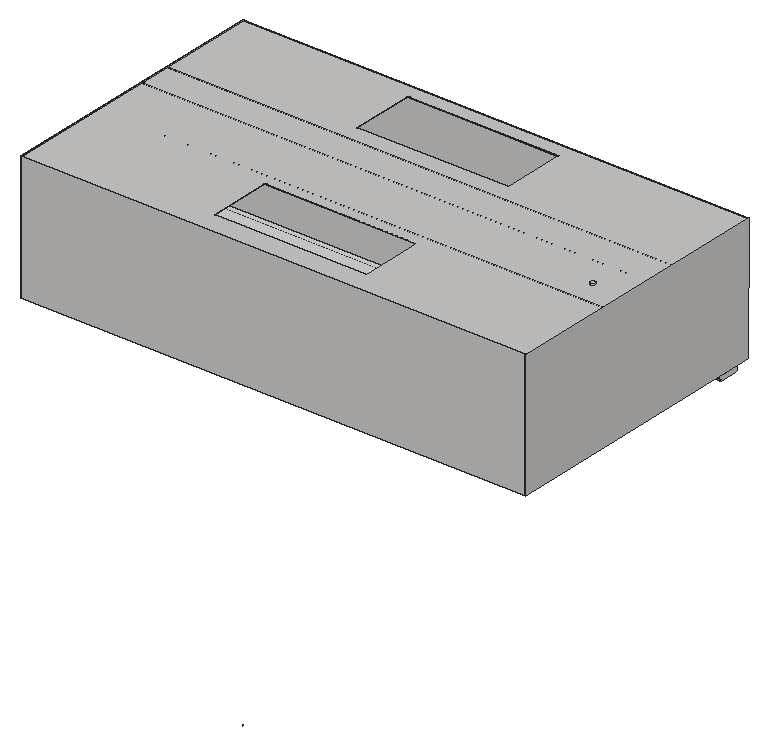
Revit family "QF_ELECTROLUXPROFESSIONAL_641251_STPF1120", category Attrezzature speciali, Revit 2021
Family settings
  Quota connettore circolare = Usa diametro
  Tipo di parte = Normale
  Basato su piano di lavoro = No
  Sempre verticale = Sì
  Taglio con vuoti quando caricato = No
  Condiviso = No
  Punto di calcolo locali = No
Parameters (values of type "Standard")
  Weight = 130.00 kg
  Watts = 160 W
  Volts = 220 V
  URL Manufacturer = "https://www.electroluxprofessional.com/"
  URL = "https://www.electroluxprofessional.com/"
  Steam Supply Size = 0 mm
  Steam Supply Minimum Pressure = 0.0 Pa
  Steam Supply Maximum Pressure = 0.0 Pa
  Steam Consumption per Hour = 0
  Refrigeration Suction Line Size = 0 mm
  Refrigeration Liquid Line Size = 0 mm
  Refrigerant Compressor Remote = yes
  Prospetto di default = 0 mm
  Produttore = "Electrolux Professional"
  Phase = 1
  Modello = "STPF1120"
  Length Actual = 2000 mm  # constant formula
  Item Number = "641251"
  Hot Water Size = 0 mm
  Height Actual = 500 mm  # constant formula
  HP = "0.2 HP"
  Gas Size = 0 mm
  Gas KW = 0
  Gas Input Pressure = 0 W
  Direct Waste Size = 0 mm
  Descrizione = "304 S/S WALL HOOD+FILTER+LAMPS 2000X1100"
  Depth Actual = 1100 mm  # constant formula
  Cycle = 50 Hz
  Condensate Return Size = 0 mm
  Compressed Air Volume = 0.0 L/s
  Compressed Air Size = 0 mm
  Compressed Air Pressure = 0.0 Pa
  Cold Water Size = 0 mm
  Accessory = yes
Reference planes
  plane 1: z = 0
  plane 2 "Center (Left/Right)": x = 150
  plane 3 "LEFT": x = -850
  plane 4 "RIGHT": x = 1150
  plane 5 "BACK": y = 550
  plane 6 "TOP": z = 2500
  plane 7 "Base": z = 2000
  plane 8: z = 1955
  plane 9 "DrainY": y = 490
  plane 10: x = -847
  plane 11 "DrainX": x = 1030
  plane 12 "AOLeft2": x = 450
  plane 13: x = 1147
  plane 14: x = -650
  plane 15: x = 950
  plane 16 "Center (Front/Back)": y = -100
  plane 17 "Front": y = -550
  plane 18 "AOLeft1": x = -150
  plane 19: y = -464
  plane 20: y = -214
  plane 21: y = 240
  plane 22: y = 490
  plane 23 "EI_y": y = -70
  plane 24 "EIx": x = 1030
Forms (mm)
  Extrusion 1, solid, material "QF_Finishes_Stainless Steel"
    sketch origin (-850, 0, 360) x (0, 1, 0) y (0, 0, 1)
      loop
        line (550, 1640) -> (550, 2140) -> (-550, 2140) -> (-550, 1640) -> (550, 1640)
    from 0 to 3
  Extrusion 2, solid, material "QF_Finishes_Stainless Steel"
    sketch origin (1150, 0, 360) x (0, 1, 0) y (0, 0, 1)
      loop
        line (550, 1640) -> (550, 2140) -> (-550, 2140) -> (-550, 1640) -> (550, 1640)
    from 0 to -3
  Extrusion 3, solid, material "QF_Finishes_Stainless Steel"
    sketch origin (150, 0, 360) x (0, 1, 0) y (0, 0, 1)
      loop
        line (-550, 2140) -> (-550, 1640) -> (-540, 1640) -> (-540, 1640.8) -> (-549.2, 1640.8) -> (-549.2, 2139.19) -> (549.2, 2139.19) -> (549.2, 1640.8) -> (540, 1640.8) -> (540, 1640) -> (550, 1640) -> (550, 2140) -> (-550, 2140)
    from -1000 to 1000
  Extrusion 4, solid, material "QF_Finishes_Stainless Steel"
    sketch origin (0, 0, 2000) x (0, 1, 0) y (-1, 0, 0)
      loop
        circle (490, -1030) r 4.763
    from -30 to 0
  Extrusion 5, void
    sketch origin (0, 0, 2500) x (0, 1, 0) y (-1, 0, 0)
      loop
        line (-214, -450) -> (-214, 150) -> (-464, 150) -> (-464, -450) -> (-214, -450)
    from 0 to -10
  Extrusion 6, solid, material "QF_Finishes_Stainless Steel"
    sketch origin (0, 0, 0) x (1, 0, 0) y (0, 1, 0)
      loop
        line (-850, 550) -> (-850, 549) -> (-849, 549) -> (-849, 550) -> (-850, 550)
    from 0 to 1
  Extrusion 7, solid, material "QF_LAMPS"
    sketch origin (150, 0, 360) x (0, 1, 0) y (0, 0, 1)
      loop
        line (-172.823, 1962.324) -> (-18.948, 2086.929) -> (-27.129, 2097.032) -> (-181.003, 1972.426) -> (-172.823, 1962.324)
    from 997 to -997
  Sweep 8, solid, material "QF_Finishes_Stainless Steel"
    path origin (0, 0, 0) x (1, 0, 0) y (0, 1, 0)
      loop
        line (1150, 550) -> (-850, 550) -> (-850, -550) -> (1150, -550) -> (1150, 550)
    profile origin (1150, 0, 0) x (1, 0, 0) y (0, 0, 1)
      loop
        line (-3, 2000) -> (-3, 2000.8) -> (-19, 2000.8) -> (-19, 2010) -> (-20, 2010) -> (-20, 2000) -> (-3, 2000)
  Extrusion 9, solid, material "QF_Finishes_Stainless Steel"
    sketch origin (150, 0, 0) x (0, 1, 0) y (0, 0, 1)
      loop
        line (414.66, 2095.469) -> (440.643, 2110.471) -> (261.744, 2411.771) -> (235.948, 2396.455) -> (414.66, 2095.469)
    from -997 to -800
  Extrusion 10, solid, material "QF_Finishes_Stainless Steel"
    sketch origin (1030, 0, 0) x (0, 1, 0) y (0, 0, 1)
      loop
        line (539, 2000) -> (441, 2000) -> (441, 1989) -> (448.5, 1989) -> (448.5, 1965)
        arc (448.5, 1965) -> (451.429, 1957.929) -> (458.5, 1955) r 10
        line (458.5, 1955) -> (521.5, 1955)
        arc (521.5, 1955) -> (528.571, 1957.929) -> (531.5, 1965) r 10
        line (531.5, 1965) -> (531.5, 1989) -> (539, 1989) -> (539, 2000)
    from 90 to -90
  Extrusion 11, solid, material "QF_Finishes_Stainless Steel"
    sketch origin (150, 0, 0) x (0, 1, 0) y (0, 0, 1)
      loop
        line (414.66, 2095.469) -> (440.643, 2110.471) -> (261.744, 2411.771) -> (235.948, 2396.455) -> (414.66, 2095.469)
    from 800 to 997
  Extrusion 12, solid, material "QF_Finished_Chrome"
    sketch origin (150, 0, 0) x (0, 1, 0) y (0, 0, 1)
      loop
        line (414.66, 2095.469) -> (440.643, 2110.471) -> (261.744, 2411.771) -> (235.948, 2396.455) -> (414.66, 2095.469)
    from -800 to 800
  Extrusion 13, void
    sketch origin (0, 1180, 2500) x (0, 1, 0) y (-1, 0, 0)
      loop
        line (-690, -450) -> (-690, 150) -> (-940, 150) -> (-940, -450) -> (-690, -450)
    from 0 to -10
  Extrusion 14, solid, material "QF_Finishes_Stainless Steel"
    sketch origin (0, 0, 2500) x (0, 1, 0) y (-1, 0, 0)
      loop
        circle (-70, -1030) r 10
    from 0 to 1.6
  Extrusion 15, solid, material "QF_Finishes_Stainless Steel"
    sketch origin (150, 0, 360) x (0, 1, 0) y (0, 0, 1)
      loop
        line (430.005, 1640) -> (540, 1640) -> (540, 1640.8) -> (430.467, 1640.8) -> (371.906, 1742.23) -> (414.858, 1734.657) -> (442.266, 1750.481) -> (442.266, 1765.943) -> (441.466, 1765.943) -> (441.466, 1750.943) -> (414.709, 1735.495) -> (321.153, 1751.991) -> (320.875, 1750.416) -> (371.4, 1741.507) -> (430.005, 1640)
      loop
        line (172.529, 2139.19) -> (242.893, 2017.316) -> (245.133, 2018.715) -> (240.13, 2027.381) -> (238.569, 2026.405) -> (173.453, 2139.19) -> (172.529, 2139.19)
    from -997 to 997
  Extrusion 16, solid, material "QF_Finishes_Stainless Steel"
    sketch origin (150, 200.8, 360) x (0, 1, 0) y (0, 0, 1)
      loop
        line (-750, 2139.19) -> (-750, 1640) -> (-686.602, 1640) -> (-599.146, 1690.493) -> (-610.058, 1709.394) -> (-666.564, 1676.77) -> (-714.704, 1680.982) -> (-749.2, 1730.248) -> (-749.2, 2139.19) -> (-750, 2139.19)
      loop
        line (-373.6, 1961.694) -> (-381.937, 1971.99) -> (-369.095, 1982.182) -> (-369.095, 2139.19) -> (-369.895, 2139.19) -> (-369.895, 1982.569) -> (-682.298, 1734.63) -> (-671.091, 1720.79) -> (-373.6, 1961.694)
      loop
        line (-227.61, 2099.216) -> (-218.171, 2087.559) -> (-154.411, 2139.19) -> (-155.682, 2139.19) -> (-218.052, 2088.684) -> (-226.989, 2099.719) -> (-227.61, 2099.216)
    from -997 to 997
  Extrusion 17, solid, material "QF_Finishes_Stainless Steel"
    sketch origin (0, 0, 2500) x (0, 1, 0) y (-1, 0, 0)
      loop
        circle (-70, -1030) r 10
    from 0 to 1.6
Cuts and joins
  Extrusion 5, Extrusion 13 cuts Extrusion 3
  joined: Extrusion 2, Extrusion 3, Sweep 8
Lines and regions (mm)
  symbolic lines, style "SpecialityEquipment", detail levels coarse
    curve 1: line (1150, 550, 2500) -> (-850, 550, 2500)
    curve 2: line (-850, 550, 2500) -> (-850, -550, 2500)
    curve 3: line (1150, -550, 2500) -> (1150, 550, 2500)
    curve 4: line (-850, 550, 0) -> (1150, -550, 0)
    curve 5: line (1150, 550, 0) -> (-850, -550, 0)
    curve 6: line (-850, -550, 0) -> (1150, -550, 0)
  symbolic lines, detail levels coarse
    curve 7: line (-150, 240, 2500) -> (450, 240, 2500)
    curve 8: line (-150, 490, 2500) -> (-150, 240, 2500)
    curve 9: line (450, 490, 2500) -> (-150, 490, 2500)
    curve 10: line (450, 240, 2500) -> (450, 490, 2500)
    curve 11: line (-150, -214, 2500) -> (450, -214, 2500)
    curve 12: line (-150, -464, 2500) -> (-150, -214, 2500)
    curve 13: line (450, -464, 2500) -> (-150, -464, 2500)
    curve 14: line (450, -214, 2500) -> (450, -464, 2500)
Dimensions and locks
  plane 3 "LEFT" to plane 4 "RIGHT" = 2000 mm
  equal spacing: plane 3 "LEFT", plane 2 "Center (Left/Right)", plane 4 "RIGHT"
  plane 7 "Base" to plane 8 = 45 mm
  plane 5 "BACK" to plane 9 "DrainY" = 60 mm  (x2)
  plane 3 "LEFT" to plane 10 = 3 mm
  plane 11 "DrainX" to plane 4 "RIGHT" = 120 mm
  plane 13 to plane 4 "RIGHT" = 3 mm
  plane 3 "LEFT" to plane 14 = 200 mm
  plane 15 to plane 4 "RIGHT" = 200 mm
  locked: plane 7 "Base" to level at 2000
  locked: plane 6 "TOP" to plane 7 "Base" at 500
  locked: plane 20 to plane 19 at 250
  locked: plane 19 to plane 17 "Front" at 86
  locked: plane 22 to plane 21 at 250
  locked: plane 5 "BACK" to plane 22 at 60
  locked: plane 23 "EI_y" to plane 17 "Front" at 480
  locked: plane 24 "EIx" to plane 4 "RIGHT" at 120
  locked: plane 18 "AOLeft1" to plane 12 "AOLeft2" at 600
  equal spacing: plane 18 "AOLeft1", plane 2 "Center (Left/Right)", plane 12 "AOLeft2"
  locked: plane 5 "BACK" to plane 17 "Front" at 1100
  plane 5 "BACK" to plane 17 "Front" = 1100 mm
  aligned and locked: level to plane 1
  aligned and locked: plane 4 "RIGHT" to Extrusion 3
  aligned and locked: Extrusion 3 to plane 3 "LEFT"
  aligned and locked: Extrusion 2 to plane 13
  aligned and locked: Extrusion 9 to plane 10
  aligned and locked: Extrusion 5 to plane 18 "AOLeft1"
  aligned and locked: Extrusion 5 to plane 12 "AOLeft2"
  aligned and locked: plane 14 to Extrusion 9
  aligned and locked: plane 15 to Extrusion 11
  aligned and locked: plane 13 to Extrusion 11
  aligned and locked: Extrusion 12 to plane 14
  aligned and locked: Extrusion 12 to plane 15
  aligned and locked: plane 13 to Extrusion 7
  aligned and locked: Extrusion 7 to plane 10
  aligned and locked: Extrusion 13 to plane 21
  aligned and locked: plane 22 to Extrusion 13
  aligned and locked: Extrusion 13 to plane 18 "AOLeft1"
  aligned and locked: Extrusion 13 to plane 12 "AOLeft2"
  aligned and locked: Extrusion 15 to plane 10
  aligned and locked: plane 13 to Extrusion 15
  aligned and locked: Extrusion 5 to plane 19
  aligned and locked: plane 20 to Extrusion 5
  aligned and locked: Extrusion 16 to Extrusion 1
  aligned and locked: plane 13 to Extrusion 16
Automatic sketch dimensions
  curve 6 to plane 3 "LEFT" = 0 mm
  curve 4 to plane 3 "LEFT" = 0 mm
  curve 5 to plane 4 "RIGHT" = 0 mm
  curve 6 to plane 4 "RIGHT" = 0 mm
  curve 4 to plane 17 "Front" = 0 mm
  curve 4 to plane 5 "BACK" = 0 mm
  curve 5 to plane 5 "BACK" = 0 mm
  Extrusion 1 sketch curve to plane 7 "Base" = 0 mm
  Extrusion 1 sketch curve to plane 17 "Front" = 0 mm
  Extrusion 1 sketch curve to plane 5 "BACK" = 0 mm
  Extrusion 1 sketch curve to plane 6 "TOP" = 0 mm
  Extrusion 2 sketch curve to plane 7 "Base" = 0 mm
  Extrusion 2 sketch curve to plane 17 "Front" = 0 mm
  Extrusion 2 sketch curve to plane 5 "BACK" = 0 mm
  Extrusion 2 sketch curve to plane 6 "TOP" = 0 mm
  Extrusion 3 sketch curve to plane 6 "TOP" = 0 mm
  Extrusion 3 sketch curve to plane 17 "Front" = 0 mm
  Extrusion 3 sketch curve to plane 7 "Base" = 0 mm  (x2)
  Extrusion 3 sketch curve to plane 5 "BACK" = 0 mm
  plane 17 "Front" to Extrusion 3 sketch curve = 0.8 mm
  Extrusion 3 sketch curve to Extrusion 3 sketch curve = 9.2 mm
  plane 7 "Base" to Extrusion 3 sketch curve = 0.8 mm  (x2)
  Extrusion 3 sketch curve to plane 5 "BACK" = 10 mm
  Extrusion 3 sketch curve to plane 5 "BACK" = 0.8 mm
  Extrusion 3 sketch curve to plane 6 "TOP" = 0.81 mm
  Extrusion 4 sketch curve to plane 9 "DrainY" = 0 mm
  Extrusion 4 sketch curve to plane 11 "DrainX" = 0 mm
  Extrusion 5 sketch curve to plane 12 "AOLeft2" = 0 mm
  Extrusion 5 sketch curve to plane 18 "AOLeft1" = 0 mm
  plane 19 to Extrusion 5 sketch curve = 0 mm
  Extrusion 5 sketch curve to plane 23 "EI_y" = 144 mm
  Extrusion 6 sketch curve to plane 3 "LEFT" = 0 mm
  Extrusion 6 sketch curve to plane 5 "BACK" = 0 mm
  plane 3 "LEFT" to Extrusion 6 sketch curve = 1 mm
  Extrusion 6 sketch curve to Extrusion 6 sketch curve = 1 mm
  plane 20 to Extrusion 7 sketch curve = 32.997 mm
  Extrusion 7 sketch curve to Extrusion 7 sketch curve = 8.181 mm  (x2)
  plane 23 "EI_y" to Extrusion 7 sketch curve = 42.871 mm
  Extrusion 7 sketch curve to plane 6 "TOP" = 177.676 mm
  Extrusion 7 sketch curve to Extrusion 7 sketch curve = 10.102 mm
  Extrusion 7 sketch curve to plane 6 "TOP" = 53.071 mm
  Extrusion 7 sketch curve to Extrusion 7 sketch curve = 10.103 mm
  Sweep 8 sketch curve to plane 3 "LEFT" = 0 mm
  Sweep 8 sketch curve to plane 4 "RIGHT" = 0 mm
  Sweep 8 sketch curve to plane 17 "Front" = 0 mm
  Sweep 8 sketch curve to plane 5 "BACK" = 0 mm
  profile plane to Sweep 8 sketch curve = 20 mm
  Sweep 8 sketch curve to Sweep 8 sketch curve = 1 mm
  profile plane to Sweep 8 sketch curve = 3 mm
  level to Sweep 8 sketch curve = 2000 mm
  Sweep 8 sketch curve to Sweep 8 sketch curve = 0.8 mm
  Sweep 8 sketch curve to Sweep 8 sketch curve = 9.2 mm
  Extrusion 9 sketch curve to plane 21 = 4.052 mm
  plane 21 to Extrusion 9 sketch curve = 21.744 mm
  Extrusion 9 sketch curve to plane 9 "DrainY" = 75.34 mm
  Extrusion 9 sketch curve to Extrusion 9 sketch curve = 25.983 mm
  plane 7 "Base" to Extrusion 9 sketch curve = 95.469 mm
  Extrusion 9 sketch curve to Extrusion 9 sketch curve = 15.001 mm
  Extrusion 9 sketch curve to plane 6 "TOP" = 103.545 mm
  Extrusion 9 sketch curve to Extrusion 9 sketch curve = 15.316 mm
  Extrusion 10 sketch curve to plane 8 = 0 mm
  Extrusion 10 sketch curve to plane 7 "Base" = 11 mm  (x2)
  Extrusion 10 sketch curve to plane 9 "DrainY" = 49 mm
  Extrusion 10 sketch curve to Extrusion 10 sketch curve = 7.5 mm  (x2)
  Extrusion 10 sketch curve to Extrusion 10 sketch curve = 10 mm
  Extrusion 10 sketch curve to plane 5 "BACK" = 28.5 mm
  Extrusion 10 sketch curve to plane 5 "BACK" = 18.5 mm
  plane 7 "Base" to Extrusion 10 sketch curve = 0 mm
  Extrusion 11 sketch curve to plane 21 = 4.052 mm
  plane 21 to Extrusion 11 sketch curve = 21.744 mm
  Extrusion 11 sketch curve to plane 9 "DrainY" = 75.34 mm
  Extrusion 11 sketch curve to Extrusion 11 sketch curve = 25.983 mm
  plane 7 "Base" to Extrusion 11 sketch curve = 95.469 mm
  Extrusion 11 sketch curve to Extrusion 11 sketch curve = 15.001 mm
  Extrusion 11 sketch curve to plane 6 "TOP" = 103.545 mm
  Extrusion 11 sketch curve to Extrusion 11 sketch curve = 15.316 mm
  Extrusion 12 sketch curve to plane 21 = 4.052 mm
  plane 21 to Extrusion 12 sketch curve = 21.744 mm
  Extrusion 12 sketch curve to plane 9 "DrainY" = 75.34 mm
  Extrusion 12 sketch curve to Extrusion 12 sketch curve = 25.983 mm
  plane 7 "Base" to Extrusion 12 sketch curve = 95.469 mm
  Extrusion 12 sketch curve to Extrusion 12 sketch curve = 15.001 mm
  Extrusion 12 sketch curve to plane 6 "TOP" = 103.545 mm
  Extrusion 12 sketch curve to Extrusion 12 sketch curve = 15.316 mm
  Extrusion 13 sketch curve to plane 12 "AOLeft2" = 0 mm
  Extrusion 13 sketch curve to plane 21 = 0 mm
  Extrusion 13 sketch curve to plane 9 "DrainY" = 0 mm
  Extrusion 13 sketch curve to plane 18 "AOLeft1" = 0 mm
  Extrusion 14 sketch curve to plane 23 "EI_y" = 0 mm
  Extrusion 14 sketch curve to plane 24 "EIx" = 0 mm
  Extrusion 15 sketch curve to plane 7 "Base" = 0 mm
  Extrusion 15 sketch curve to plane 6 "TOP" = 0.81 mm
  Extrusion 15 sketch curve to plane 21 = 67.471 mm
  Extrusion 15 sketch curve to Extrusion 15 sketch curve = 0.924 mm
  Extrusion 15 sketch curve to plane 21 = 1.431 mm
  plane 21 to Extrusion 15 sketch curve = 0.13 mm
  plane 21 to Extrusion 15 sketch curve = 2.893 mm
  Extrusion 15 sketch curve to Extrusion 15 sketch curve = 2.24 mm
  plane 21 to Extrusion 15 sketch curve = 80.875 mm
  Extrusion 15 sketch curve to Extrusion 15 sketch curve = 0.278 mm
  Extrusion 15 sketch curve to Extrusion 15 sketch curve = 50.525 mm
  Extrusion 15 sketch curve to Extrusion 15 sketch curve = 0.506 mm
  Extrusion 15 sketch curve to Extrusion 15 sketch curve = 42.803 mm
  Extrusion 15 sketch curve to Extrusion 15 sketch curve = 0.148 mm
  Extrusion 15 sketch curve to plane 9 "DrainY" = 59.995 mm
  plane 7 "Base" to Extrusion 15 sketch curve = 0.8 mm
  Extrusion 15 sketch curve to Extrusion 15 sketch curve = 0.462 mm  (x2)
  Extrusion 15 sketch curve to Extrusion 15 sketch curve = 109.533 mm
  Extrusion 15 sketch curve to Extrusion 15 sketch curve = 26.757 mm
  Extrusion 15 sketch curve to Extrusion 15 sketch curve = 0.8 mm
  plane 7 "Base" to Extrusion 15 sketch curve = 94.657 mm
  Extrusion 15 sketch curve to Extrusion 15 sketch curve = 0.838 mm
  Extrusion 15 sketch curve to Extrusion 15 sketch curve = 6.012 mm
  Extrusion 15 sketch curve to Extrusion 15 sketch curve = 0.723 mm
  Extrusion 15 sketch curve to Extrusion 15 sketch curve = 14.986 mm
  Extrusion 15 sketch curve to Extrusion 15 sketch curve = 15 mm
  Extrusion 15 sketch curve to plane 6 "TOP" = 122.684 mm
  Extrusion 15 sketch curve to Extrusion 15 sketch curve = 1.399 mm
  Extrusion 15 sketch curve to Extrusion 15 sketch curve = 9.089 mm
  Extrusion 15 sketch curve to Extrusion 15 sketch curve = 0.975 mm
  Extrusion 16 sketch curve to plane 7 "Base" = 0 mm
  Extrusion 16 sketch curve to Extrusion 16 sketch curve = 0.8 mm  (x2)
  plane 7 "Base" to Extrusion 16 sketch curve = 40.982 mm
  Extrusion 16 sketch curve to Extrusion 16 sketch curve = 35.296 mm
  Extrusion 16 sketch curve to Extrusion 16 sketch curve = 28.102 mm
  plane 7 "Base" to Extrusion 16 sketch curve = 94.63 mm
  Extrusion 16 sketch curve to Extrusion 16 sketch curve = 32.405 mm
  plane 7 "Base" to Extrusion 16 sketch curve = 80.79 mm
  Extrusion 16 sketch curve to Extrusion 16 sketch curve = 11.207 mm
  plane 7 "Base" to Extrusion 16 sketch curve = 36.77 mm
  Extrusion 16 sketch curve to Extrusion 16 sketch curve = 20.038 mm
  plane 7 "Base" to Extrusion 16 sketch curve = 69.394 mm
  Extrusion 16 sketch curve to Extrusion 16 sketch curve = 61.033 mm
  plane 7 "Base" to Extrusion 16 sketch curve = 50.493 mm
  Extrusion 16 sketch curve to Extrusion 16 sketch curve = 10.912 mm
  Extrusion 16 sketch curve to plane 6 "TOP" = 168.01 mm
  Extrusion 16 sketch curve to Extrusion 16 sketch curve = 228.121 mm
  Extrusion 16 sketch curve to plane 6 "TOP" = 178.306 mm
  Extrusion 16 sketch curve to Extrusion 16 sketch curve = 8.337 mm
  Extrusion 16 sketch curve to plane 6 "TOP" = 157.431 mm
  Extrusion 16 sketch curve to Extrusion 16 sketch curve = 12.042 mm
  Extrusion 16 sketch curve to plane 6 "TOP" = 157.818 mm
  Extrusion 16 sketch curve to plane 6 "TOP" = 40.784 mm
  Extrusion 16 sketch curve to Extrusion 16 sketch curve = 141.485 mm
  Extrusion 16 sketch curve to plane 6 "TOP" = 40.281 mm
  Extrusion 16 sketch curve to Extrusion 16 sketch curve = 0.622 mm
  Extrusion 16 sketch curve to plane 6 "TOP" = 52.441 mm
  Extrusion 16 sketch curve to plane 6 "TOP" = 51.316 mm
  Extrusion 16 sketch curve to plane 6 "TOP" = 0.81 mm  (x3)
  Extrusion 16 sketch curve to Extrusion 16 sketch curve = 62.37 mm
  Extrusion 16 sketch curve to Extrusion 16 sketch curve = 1.271 mm
  Extrusion 16 sketch curve to Extrusion 16 sketch curve = 49.266 mm
  Extrusion 17 sketch curve to plane 23 "EI_y" = 0 mm
  Extrusion 17 sketch curve to plane 24 "EIx" = 0 mm
  plane 17 "Front" to Extrusion 16 sketch curve = 0.8 mm
  curve 2 to plane 3 "LEFT" = 0 mm
  curve 2 to plane 17 "Front" = 0 mm
  curve 3 to plane 4 "RIGHT" = 0 mm
  curve 3 to plane 17 "Front" = 0 mm
  curve 13 to plane 18 "AOLeft1" = 0 mm
  curve 13 to plane 19 = 0 mm
  curve 14 to plane 12 "AOLeft2" = 0 mm
  curve 14 to plane 20 = 0 mm
  curve 7 to plane 18 "AOLeft1" = 0 mm
  curve 7 to plane 21 = 0 mm
  curve 8 to plane 9 "DrainY" = 0 mm
  curve 2 to plane 5 "BACK" = 0 mm
  curve 10 to plane 12 "AOLeft2" = 0 mm
  radius of Extrusion 4 sketch curve = 4.763 mm
  radius of Extrusion 14 sketch curve = 10 mm
  radius of Extrusion 17 sketch curve = 10 mm
Connectors
  piping at (1030, 490, 1970), diameter 9.5
    settings: on Extrusion 4, index 1, connector inside diameter 609.6 mm, connector length 0 mm, flow factor 0, pipe flow 0.0 L/s, pressure drop 0.0 Pa, fitting loss kfactor 0, connector angle 0.00°, fixture units 0, engagement length 0 mm, angle of deflection 0.00°, flow configuration 1, flow direction 2, fitting loss method 0, system type 16, joint type 0, gender type 0, connector reference index -1, connector utility 0, adjustable connector no, is connector primary yes, connector description "Drain"
  hvac at (150, -339, 2500)
    settings: on Extrusion 5, index 2, duct flow 0.0 L/s, flow factor 0, pres drop 0.0 Pa, loss coef 0, conn angle 0.00°, conn width 250 mm, conn height 600 mm, conn diameter 609.6 mm, duct sys type 1, conn prof type 1, flow config 1, flow direction 1, loss method 0, conn ref index -1, conn util no, is conn primary yes, conn desc "AIR INLET"
  hvac at (150, 365, 2500)
    settings: on Extrusion 13, index 4, duct flow 0.0 L/s, flow factor 0, pres drop 0.0 Pa, loss coef 0, conn angle 0.00°, conn width 250 mm, conn height 600 mm, conn diameter 609.6 mm, duct sys type 3, conn prof type 1, flow config 1, flow direction 2, loss method 0, conn ref index -1, conn util no, is conn primary no, conn desc "EXHAUST OUTLET"
  electrical at (1030, -70, 2501.6), driven by "Volts"
    settings: on Extrusion 14, index 6, voltage 220 V, apparent load 0 VA, apparent load phase1 0 VA, apparent load phase2 0 VA, apparent load phase3 0 VA, power factor 1, load classification "Other", number of poles 1, system type 30, power factor state 1, is connector primary yes, connector utility no, sub classification motor no, connector description "Electrical Connection"
  electrical at (1030, -70, 2501.6)
    settings: on Extrusion 17, index 12, voltage 0 V, apparent load 0 VA, apparent load phase1 0 VA, apparent load phase2 0 VA, apparent load phase3 0 VA, power factor 1, load classification "Other", number of poles 1, system type 30, power factor state 1, is connector primary no, connector utility no, sub classification motor no, connector description ""
